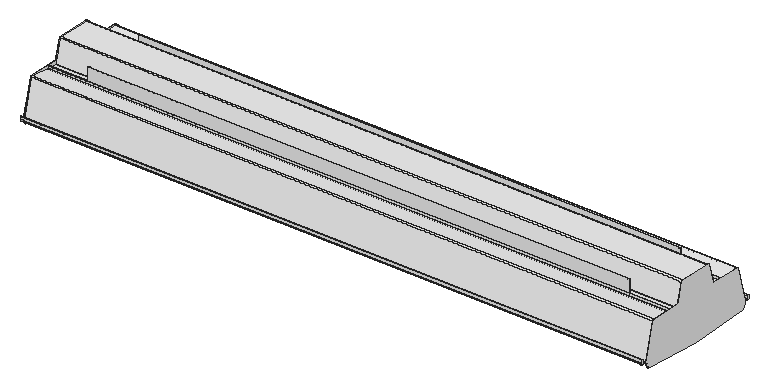
Revit family "LHBD", category Lighting Fixtures, host Ceiling, Revit 2019
Family settings
  Host = Ceiling
  Round Connector Dimension = Use Diameter
  Part Type = Normal
  OmniClass Number = 23.80.70.11.14.11
  OmniClass Title = Downlights
  Always vertical = Yes
  Cut with Voids When Loaded = No
  Light Source = Yes
  Shared = No
  Room Calculation Point = No
Parameters (values of type "LHBD48-LED840K120LUNV")
  Width = 0' - 9 13/16"
  Wattage = 87 W
  built-in parameter 1150110 = 1 (stored number, unit not read)
  Voltage = 120 V  # constant formula
  URL = "https://www.viscor.com/en/products/lhbd"
  built-in parameter 1114217 = 0.9 (stored number, unit not read)
  Tilt Angle = 90.00°
  built-in parameter 1150109 = 1 (stored number, unit not read)
  built-in parameter 1150134 = 12
  built-in parameter 1150113 = 1 (stored number, unit not read)
  Photometric Web File = "LHBD48-LED840K120LUNV.ies"
  Model = "LHBD"  # constant formula
  Manufacturer = "VISIONEERING by VISCOR"  # constant formula
  Lumens = 12528 lm
  built-in parameter 1150115 = 1 (stored number, unit not read)
  built-in parameter 1150105 = 996.95 (stored number, unit not read)
  Louver Finish = Metal - Viscor - White Gloss F06
  built-in parameter 1150137 = (empty or 0)
  built-in parameter 1150139 = (empty or 0)
  Lens Finish = Acrylic - Viscor - Frosted, Impact Round Extruded
  Length = 3' - 10 1/16"
  Lamp Wattage = 87 VA
  built-in parameter 1150112 = 1 (stored number, unit not read)
  built-in parameter 1150114 = 1 (stored number, unit not read)
  Lamp = "LED"  # constant formula
  built-in parameter 1150132 = (empty or 0)
  built-in parameter 1150102 = (empty or 0)
  built-in parameter 1150138 = (empty or 0)
  built-in parameter 1150107 = 4000 (stored number, unit not read)
  built-in parameter 1150106 = 9.9695 (stored number, unit not read)
  Housing Finish = Metal - Viscor - White
  Height = 0' - 4 11/16"
  Emit from Rectangle Width = Width  # 0' - 9 13/16"
  Emit from Rectangle Length = Length  # 3' - 10 1/16"
  Emit Shape Visible in Rendering = no
  built-in parameter 1150104 = 13.378 (stored number, unit not read)
  Dimming Lamp Color Temperature Shift = <None>
  Description = "LED Pendant Mount High Bay D"  # constant formula
  Color Filter = 16777215
  built-in parameter 1114218 = 1 (stored number, unit not read)
  built-in parameter 1150133 = 10 (stored number, unit not read)
  Assembly Code = "D5020200"
  Apparent Load = Lamp Wattage  # 87 VA
Types (5): name | Wattage | Photometric Web File | Lumens | built-in parameter 1150105 | Length | Lamp Wattage | built-in parameter 1150106 | Emit from Rectangle Length | built-in parameter 1150104 | Apparent Load
  (no name) | 87 W | "LHBD48-LED840K120LUNV.ies" | 12528 lm | 996.95 (stored number, unit not read) | 3' - 10 1/16" | 87 VA | 9.9695 (stored number, unit not read) | 3' - 10 1/16" | 13.378 (stored number, unit not read) | 87 VA
  LHBD48-LED840K080LUNV | 52 W | "LHBD48-LED840K080LUNV.ies" | 7592 lm | 604.15 (stored number, unit not read) | 3' - 10 1/16" | 52 VA | 6.0415 (stored number, unit not read) | 3' - 10 1/16" | 13.564 (stored number, unit not read) | 52 VA
  LHBD48-LED840K120LUNV | 87 W | "LHBD48-LED840K120LUNV.ies" | 12528 lm | 996.95 (stored number, unit not read) | 3' - 10 1/16" | 87 VA | 9.9695 (stored number, unit not read) | 3' - 10 1/16" | 13.378 (stored number, unit not read) | 87 VA
  LHBD96-LED840K160LUNV | 115 W | "LHBD96-LED840K160LUNV.IES" | 16560 lm | 1317.8 (stored number, unit not read) | 7' - 8 1/16" | 115 VA | 13.178 (stored number, unit not read) | 7' - 8 1/16" | 13.378 (stored number, unit not read) | 115 VA
  LHBD96-LED840K240LUNV | 173 W | "LHBD96-LED840K240LUNV.ies" | 24393 lm | 1941.1 (stored number, unit not read) | 7' - 8 1/16" | 173 VA | 19.411 (stored number, unit not read) | 7' - 8 1/16" | 13.099 (stored number, unit not read) | 173 VA
Reference planes (in)
  plane 1 "Light Source Axis (F/B)": y = 0
  plane 2 "Ceiling": z = 240
  plane 3 "Light Source Axis (L/R)": x = 0
  plane 4 "Light Source Elevation": z = 235.375
  plane 5: x = -23.03125
  plane 6: x = 23.03125
  plane 7: y = 4.90625
  plane 8: y = -4.90625
  plane 9: x = -23.00125
  plane 10: x = 23.00125
  plane 11: x = -20.03125
  plane 12: x = 20.03125
Forms (in)
  Extrusion 1, solid, material "Metal - Viscor - White" <- "Housing Finish"
    sketch origin (0, 0, 0) x (0, 1, 0) y (0, 0, 1)
      loop
        arc (-4.906, 236.068) -> (-4.88491, 236.01709) -> (-4.834, 235.996) r 0.072
        line (-4.834, 235.996) -> (-4.58671, 235.996)
        arc (-4.58671, 235.996) -> (-4.54265, 236.01106) -> (-4.51702, 236.04993) r 0.072
        line (-4.51702, 236.04993) -> (-3.88336, 238.49342)
        arc (-3.88336, 238.49342) -> (-3.86796, 238.51559) -> (-3.84185, 238.52244) r 0.039
        line (-3.84185, 238.52244) -> (-1.70161, 238.31493)
        arc (-1.70161, 238.31493) -> (-1.6534, 238.32759) -> (-1.62496, 238.36852) r 0.072
        line (-1.62496, 238.36852) -> (-1.22657, 239.90479)
        arc (-1.22657, 239.90479) -> (-1.21269, 239.92584) -> (-1.18882, 239.934) r 0.039
        line (-1.18882, 239.934) -> (1.18882, 239.934)
        arc (1.18882, 239.934) -> (1.21269, 239.92584) -> (1.22657, 239.90479) r 0.039
        line (1.22657, 239.90479) -> (1.62496, 238.36852)
        arc (1.62496, 238.36852) -> (1.6534, 238.32759) -> (1.70161, 238.31493) r 0.072
        line (1.70161, 238.31493) -> (3.84185, 238.52244)
        arc (3.84185, 238.52244) -> (3.86796, 238.51559) -> (3.88336, 238.49342) r 0.039
        line (3.88336, 238.49342) -> (4.51702, 236.04993)
        arc (4.51702, 236.04993) -> (4.54265, 236.01106) -> (4.58671, 235.996) r 0.072
        line (4.58671, 235.996) -> (4.834, 235.996)
        arc (4.834, 235.996) -> (4.88491, 236.01709) -> (4.906, 236.068) r 0.072
        line (4.906, 236.068) -> (4.906, 236.298) -> (4.87475, 236.298) -> (4.87475, 236.068)
        arc (4.87475, 236.068) -> (4.86281, 236.03919) -> (4.834, 236.02725) r 0.04075
        line (4.834, 236.02725) -> (4.58671, 236.02725)
        arc (4.58671, 236.02725) -> (4.56177, 236.03577) -> (4.54727, 236.05777) r 0.04075
        line (4.54727, 236.05777) -> (3.91361, 238.50126)
        arc (3.91361, 238.50126) -> (3.88587, 238.5412) -> (3.83883, 238.55355) r 0.07025
        line (3.83883, 238.55355) -> (1.69859, 238.34604)
        arc (1.69859, 238.34604) -> (1.67131, 238.3532) -> (1.65521, 238.37637) r 0.04075
        line (1.65521, 238.37637) -> (1.25682, 239.91263)
        arc (1.25682, 239.91263) -> (1.23181, 239.95056) -> (1.18882, 239.96525) r 0.07025
        line (1.18882, 239.96525) -> (-1.18882, 239.96525)
        arc (-1.18882, 239.96525) -> (-1.23181, 239.95056) -> (-1.25682, 239.91263) r 0.07025
        line (-1.25682, 239.91263) -> (-1.65521, 238.37637)
        arc (-1.65521, 238.37637) -> (-1.67131, 238.3532) -> (-1.69859, 238.34604) r 0.04075
        line (-1.69859, 238.34604) -> (-3.83883, 238.55355)
        arc (-3.83883, 238.55355) -> (-3.88587, 238.5412) -> (-3.91361, 238.50126) r 0.07025
        line (-3.91361, 238.50126) -> (-4.54727, 236.05777)
        arc (-4.54727, 236.05777) -> (-4.56177, 236.03577) -> (-4.58671, 236.02725) r 0.04075
        line (-4.58671, 236.02725) -> (-4.834, 236.02725)
        arc (-4.834, 236.02725) -> (-4.86281, 236.03919) -> (-4.87475, 236.068) r 0.04075
        line (-4.87475, 236.068) -> (-4.87475, 236.298) -> (-4.906, 236.298) -> (-4.906, 236.068)
    from -23.00125 to 23.00125
  Extrusion 2, solid, material "Metal - Viscor - White" <- "Housing Finish"
    sketch origin (0, 0, 0) x (0, 1, 0) y (0, 0, 1)
      loop
        line (4.52143, 236.17574) -> (3.9025, 238.569) -> (1.608, 238.569) -> (1.57671, 238.69002) -> (1.2465, 239.967) -> (-1.2465, 239.967) -> (-1.57671, 238.69002) -> (-1.608, 238.569) -> (-3.9025, 238.569) -> (-3.93276, 238.45198) -> (-4.52143, 236.17574) -> (-4.5685, 235.99372)
        arc (-4.5685, 235.99372) -> (-4.51625, 235.77119) -> (-4.37042, 235.59517) r 0.5
        arc (-4.37042, 235.59517) -> (0, 235.342) -> (4.37042, 235.59517) r 37.8495
        arc (4.37042, 235.59517) -> (4.51625, 235.77119) -> (4.5685, 235.99372) r 0.5
        line (4.5685, 235.99372) -> (4.52143, 236.17574)
    from -23.03125 to -23.00125
  Extrusion 3, solid, material "Metal - Viscor - White" <- "Housing Finish"
    sketch origin (0, 0, 0) x (0, 1, 0) y (0, 0, -1)
      loop
        line (4.52143, -236.17574) -> (4.5685, -235.99372)
        arc (4.5685, -235.99372) -> (4.51625, -235.77119) -> (4.37042, -235.59517) r 0.5
        arc (4.37042, -235.59517) -> (0, -235.342) -> (-4.37042, -235.59517) r 37.8495
        arc (-4.37042, -235.59517) -> (-4.51625, -235.77119) -> (-4.5685, -235.99372) r 0.5
        line (-4.5685, -235.99372) -> (-4.52143, -236.17574) -> (-3.93276, -238.45198) -> (-3.9025, -238.569) -> (-1.608, -238.569) -> (-1.57671, -238.69002) -> (-1.2465, -239.967) -> (1.2465, -239.967) -> (1.57671, -238.69002) -> (1.608, -238.569) -> (3.9025, -238.569) -> (4.52143, -236.17574)
    from -23.03125 to -23.00125
  Extrusion 4, solid, material "Metal - Viscor - White" <- "Housing Finish"
    sketch origin (0, 0, 0) x (0, 1, 0) y (0, 0, 1)
      loop
        line (2.375, 238.36518) -> (2.375, 238.569) -> (2.34375, 238.569) -> (2.34375, 238.36518)
        arc (2.34375, 238.36518) -> (2.33394, 238.3398) -> (2.30962, 238.3276) r 0.03775
        line (2.30962, 238.3276) -> (0.6235, 238.16525) -> (-0.6235, 238.16525) -> (-2.30962, 238.3276)
        arc (-2.30962, 238.3276) -> (-2.33394, 238.3398) -> (-2.34375, 238.36518) r 0.03775
        line (-2.34375, 238.36518) -> (-2.34375, 238.569) -> (-2.375, 238.569) -> (-2.375, 238.36518)
        arc (-2.375, 238.36518) -> (-2.35708, 238.31879) -> (-2.31261, 238.2965) r 0.069
        line (-2.31261, 238.2965) -> (-0.625, 238.134) -> (0.625, 238.134) -> (2.31261, 238.2965)
        arc (2.31261, 238.2965) -> (2.35708, 238.31879) -> (2.375, 238.36518) r 0.069
    from -23.00125 to 23.00125
  Extrusion 5, solid, material "Metal - Viscor - White" <- "Housing Finish"
    sketch origin (0, 0, 0) x (0, 1, 0) y (0, 0, 1)
      loop
        line (-2.375, 238.569) -> (-2.34375, 238.569) -> (-2.34375, 239.53451) -> (-2.375, 239.53451) -> (-2.375, 238.569)
    from -20.03125 to 20.03125
  Extrusion 6, solid, material "Metal - Viscor - White" <- "Housing Finish"
    sketch origin (0, 0, 0) x (0, -1, 0) y (0, 0, -1)
      loop
        line (-2.375, -238.569) -> (-2.375, -239.53451) -> (-2.34375, -239.53451) -> (-2.34375, -238.569) -> (-2.375, -238.569)
    from -20.03125 to 20.03125
Dimensions and locks (in)
  equal spacing: host sketch curve, plane 3 "Light Source Axis (L/R)", host sketch curve
  equal spacing: host sketch curve, plane 1 "Light Source Axis (F/B)", host sketch curve
  host sketch curve to host sketch curve = 10' - 0"  (x2)
  equal spacing: plane 5, plane 3 "Light Source Axis (L/R)", plane 6
  "Length": plane 5 to plane 6
  equal spacing: plane 7, plane 1 "Light Source Axis (F/B)", plane 8
  "Width": plane 7 to plane 8
  locked: plane 5 to plane 9 at 0.03
  locked: plane 10 to plane 6 at 0.03
  locked: plane 5 to plane 11 at 3
  locked: plane 12 to plane 6 at 3
  aligned and locked: plane 3 "Light Source Axis (L/R)" to imposter light
  aligned and locked: imposter light to plane 1 "Light Source Axis (F/B)"
  aligned and locked: plane 4 "Light Source Elevation" to imposter light
  aligned and locked: Extrusion 1 to plane 9
  aligned and locked: plane 10 to Extrusion 1
  aligned and locked: Extrusion 2 to plane 5
  aligned and locked: plane 9 to Extrusion 2
  aligned and locked: plane 6 to Extrusion 3
  aligned and locked: Extrusion 3 to plane 10
  aligned and locked: Extrusion 4 to plane 9
  aligned and locked: plane 10 to Extrusion 4
  aligned and locked: Extrusion 5 to plane 11
  aligned and locked: plane 12 to Extrusion 5
  aligned and locked: Extrusion 6 to plane 11
  aligned and locked: plane 12 to Extrusion 6
Automatic sketch dimensions
  Extrusion 1 sketch curve to Extrusion 1 sketch curve = 0' - 0"  (x20)
  plane 8 to Extrusion 1 sketch curve = 0' - 0.00025"
  Extrusion 1 sketch curve to Extrusion 1 sketch curve = 0' - 0 1/32"
  Extrusion 1 sketch curve to Extrusion 1 sketch curve = 0' - 0.04075"  (x3)
  Extrusion 1 sketch curve to Extrusion 1 sketch curve = 0' - 0.24729"
  Extrusion 1 sketch curve to Extrusion 1 sketch curve = 0' - 0.03945"  (x4)
  Extrusion 1 sketch curve to Extrusion 1 sketch curve = 0' - 0.03025"  (x7)
  plane 8 to Extrusion 1 sketch curve = 0' - 0.99264"
  Extrusion 1 sketch curve to Extrusion 1 sketch curve = 0' - 0.03775"  (x4)
  Extrusion 1 sketch curve to Extrusion 1 sketch curve = 0' - 0.00376"  (x2)
  Extrusion 1 sketch curve to Extrusion 1 sketch curve = 0' - 0.00302"  (x4)
  plane 1 "Light Source Axis (F/B)" to Extrusion 1 sketch curve = 0' - 1.70161"
  Extrusion 1 sketch curve to Extrusion 1 sketch curve = 0' - 0.00393"  (x2)
  Extrusion 1 sketch curve to plane 2 "Ceiling" = 0' - 0.08737"  (x2)
  plane 1 "Light Source Axis (F/B)" to Extrusion 1 sketch curve = 0' - 1.25682"
  Extrusion 1 sketch curve to plane 2 "Ceiling" = 0' - 0.09521"  (x2)
  Extrusion 1 sketch curve to plane 2 "Ceiling" = 0' - 0.066"
  Extrusion 1 sketch curve to plane 1 "Light Source Axis (F/B)" = 0' - 1.18882"
  Extrusion 1 sketch curve to Extrusion 1 sketch curve = 0' - 0.39839"
  Extrusion 1 sketch curve to plane 7 = 0' - 1.06742"
  Extrusion 1 sketch curve to plane 7 = 0' - 0.38923"
  Extrusion 1 sketch curve to plane 7 = 0' - 0.07225"
  Extrusion 1 sketch curve to plane 7 = 0' - 0.0315"
  Extrusion 1 sketch curve to plane 7 = 0' - 0.00025"
  Extrusion 1 sketch curve to plane 2 "Ceiling" = 0' - 1.44645"  (x2)
  Extrusion 1 sketch curve to Extrusion 1 sketch curve = 0' - 0.0311"  (x2)
  Extrusion 1 sketch curve to Extrusion 1 sketch curve = 0' - 0.02118"  (x2)
  Extrusion 1 sketch curve to Extrusion 1 sketch curve = 0' - 1.52604"  (x2)
  Extrusion 1 sketch curve to Extrusion 1 sketch curve = 0' - 0.01023"  (x2)
  Extrusion 1 sketch curve to Extrusion 1 sketch curve = 0' - 0.00784"  (x2)
  Extrusion 1 sketch curve to plane 4 "Light Source Elevation" = 0' - 0.923"  (x2)
  Extrusion 1 sketch curve to Extrusion 1 sketch curve = 0' - 0.23"  (x2)
  Extrusion 2 sketch curve to plane 1 "Light Source Axis (F/B)" = 0' - 0"
  Extrusion 2 sketch curve to plane 2 "Ceiling" = 0' - 0.033"
  plane 1 "Light Source Axis (F/B)" to Extrusion 2 sketch curve = 0' - 1.2465"
  Extrusion 2 sketch curve to Extrusion 2 sketch curve = 0' - 0.33021"  (x2)
  Extrusion 2 sketch curve to Extrusion 2 sketch curve = 0' - 0.03129"  (x2)
  plane 8 to Extrusion 2 sketch curve = 0' - 1.00375"
  Extrusion 2 sketch curve to Extrusion 2 sketch curve = 0' - 0.03026"
  plane 8 to Extrusion 2 sketch curve = 0' - 0.83775"
  plane 8 to Extrusion 2 sketch curve = 0' - 0.38482"
  Extrusion 2 sketch curve to Extrusion 2 sketch curve = 0' - 0.04707"  (x2)
  Extrusion 2 sketch curve to plane 1 "Light Source Axis (F/B)" = 0' - 1.2465"
  Extrusion 2 sketch curve to plane 7 = 0' - 1.00375"
  Extrusion 2 sketch curve to plane 7 = 0' - 0.83775"
  Extrusion 2 sketch curve to plane 7 = 0' - 0.38482"
  Extrusion 2 sketch curve to plane 2 "Ceiling" = 0' - 1.30998"  (x2)
  Extrusion 2 sketch curve to Extrusion 2 sketch curve = 0' - 0.12102"  (x2)
  Extrusion 2 sketch curve to Extrusion 2 sketch curve = 0' - 0.11702"
  Extrusion 2 sketch curve to plane 4 "Light Source Elevation" = 0' - 0.80074"  (x2)
  Extrusion 2 sketch curve to Extrusion 2 sketch curve = 0' - 0.18201"  (x2)
  plane 2 "Ceiling" to Extrusion 2 sketch curve = 2' - 9.1915"
  Extrusion 2 sketch curve to plane 4 "Light Source Elevation" = 0' - 0.22017"
  Extrusion 3 sketch curve to plane 1 "Light Source Axis (F/B)" = 0' - 0"
  Extrusion 3 sketch curve to plane 2 "Ceiling" = 0' - 0.033"
  plane 1 "Light Source Axis (F/B)" to Extrusion 3 sketch curve = 0' - 1.2465"
  Extrusion 3 sketch curve to Extrusion 3 sketch curve = 0' - 0.33021"  (x2)
  Extrusion 3 sketch curve to Extrusion 3 sketch curve = 0' - 0.03129"  (x2)
  plane 8 to Extrusion 3 sketch curve = 0' - 1.00375"
  Extrusion 3 sketch curve to Extrusion 3 sketch curve = 0' - 0.03026"
  plane 8 to Extrusion 3 sketch curve = 0' - 0.83775"
  plane 8 to Extrusion 3 sketch curve = 0' - 0.38482"
  Extrusion 3 sketch curve to Extrusion 3 sketch curve = 0' - 0.04707"  (x2)
  Extrusion 3 sketch curve to plane 1 "Light Source Axis (F/B)" = 0' - 1.2465"
  Extrusion 3 sketch curve to plane 7 = 0' - 1.00375"
  Extrusion 3 sketch curve to plane 7 = 0' - 0.83775"
  Extrusion 3 sketch curve to plane 7 = 0' - 0.38482"
  plane 2 "Ceiling" to Extrusion 3 sketch curve = 2' - 9.1915"
  Extrusion 3 sketch curve to plane 2 "Ceiling" = 0' - 1.30998"  (x2)
  Extrusion 3 sketch curve to plane 2 "Ceiling" = 0' - 1.431"
  Extrusion 3 sketch curve to Extrusion 3 sketch curve = 0' - 0.12102"
  Extrusion 3 sketch curve to Extrusion 3 sketch curve = 0' - 0.11702"
  Extrusion 3 sketch curve to plane 4 "Light Source Elevation" = 0' - 0.80074"  (x2)
  Extrusion 3 sketch curve to Extrusion 3 sketch curve = 0' - 0.18201"  (x2)
  Extrusion 3 sketch curve to plane 4 "Light Source Elevation" = 0' - 0.22017"
  Extrusion 4 sketch curve to Extrusion 4 sketch curve = 0' - 0"  (x4)
  plane 1 "Light Source Axis (F/B)" to Extrusion 4 sketch curve = 0' - 2 3/8"
  Extrusion 4 sketch curve to Extrusion 4 sketch curve = 0' - 0 1/32"  (x3)
  Extrusion 4 sketch curve to Extrusion 4 sketch curve = 0' - 0.03114"
  Extrusion 4 sketch curve to Extrusion 4 sketch curve = 0' - 0.003"  (x2)
  Extrusion 4 sketch curve to Extrusion 4 sketch curve = 0' - 0.00362"  (x2)
  plane 1 "Light Source Axis (F/B)" to Extrusion 4 sketch curve = 0' - 0 5/8"
  Extrusion 4 sketch curve to Extrusion 4 sketch curve = 0' - 0.0015"  (x2)
  Extrusion 4 sketch curve to plane 1 "Light Source Axis (F/B)" = 0' - 0.6235"
  Extrusion 4 sketch curve to Extrusion 4 sketch curve = 0' - 1.6825"
  Extrusion 4 sketch curve to plane 2 "Ceiling" = 0' - 1.7035"
  Extrusion 4 sketch curve to Extrusion 4 sketch curve = 0' - 0.03775"
  Extrusion 4 sketch curve to Extrusion 4 sketch curve = 0' - 0.16235"
  Extrusion 4 sketch curve to Extrusion 4 sketch curve = 0' - 0.13125"
  Extrusion 4 sketch curve to Extrusion 4 sketch curve = 0' - 0.20382"  (x2)
  Extrusion 5 sketch curve to plane 2 "Ceiling" = 0' - 0.46549"
  plane 1 "Light Source Axis (F/B)" to Extrusion 5 sketch curve = 0' - 2 3/8"
  Extrusion 5 sketch curve to Extrusion 5 sketch curve = 0' - 0 1/32"
  Extrusion 5 sketch curve to Extrusion 5 sketch curve = 0' - 0.96551"
  plane 2 "Ceiling" to Extrusion 6 sketch curve = 0' - 0.46549"
  plane 1 "Light Source Axis (F/B)" to Extrusion 6 sketch curve = 0' - 2 3/8"
  Extrusion 6 sketch curve to Extrusion 6 sketch curve = 0' - 0 1/32"
  Extrusion 6 sketch curve to Extrusion 6 sketch curve = 0' - 0.96551"
Connectors (in)
  electrical at (0, 0, 235.375), driven by "Voltage", driven by "Lamp Wattage"
    settings: index 2, voltage 120 V, apparent load 0 VA, apparent load phase1 87 VA, apparent load phase2 0 VA, apparent load phase3 0 VA, power factor 1, load classification "Other", number of poles 1, system type 31, power factor state 1, is connector primary yes, connector utility no, sub classification motor no, connector description ""
